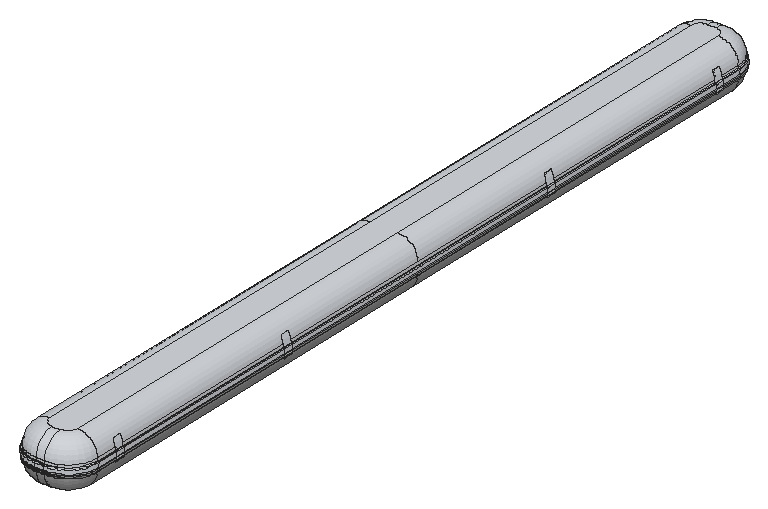
Revit family "VOC3_63_UN_Surface-mounted_ETK", category Lighting Fixtures, Revit 2017
Family settings
  Round Connector Dimension = Use Diameter
  Part Type = Normal
  OmniClass Number = 23.80.70.00
  OmniClass Title = Lighting
  Work Plane-Based = No
  Always vertical = No
  Cut with Voids When Loaded = No
  Light Source = No
  Shared = No
  Room Calculation Point = Yes
Parameters (values of type "VOC.3600.20 - 52W / 5800lm / 4000K")
  Wattage Comments = "52W"
  Voltage = 230 V
  URL = "https://www.etk.nl/media/wysiwyg/files/VOC.3.pdf"
  Symbol_Width = 1.3 mm
  Symbol_Waterproof [instance] = yes
  Symbol_Length = 15.6 mm
  Symbol_Emergency Lighting [instance] = no
  Switch Code [instance] = ""
  Model = "VOC.3"
  Manufacturer = "ETK licht B.V."
  Luminaire_Cap_Material = PPS Plastic
  Luminaire_Body_Material = PPS Plastic
  Luminaire Code [instance] = ""
  Lightsource = VOC.3 - Lightsource : VOC.3600.20 - 52W / 5800lm / 4000K
  Lamp = "LED"
  IfcExportType = "USERDEFINED"
  IfcExportAs = "IfcLightFixtureType"
  Geometry = VOC3 - Geometry : VOC.3600.20 - 52W / 5800lm / 4000K
  Description = "Surface-mounted luminaire"
  Copyright © IVLighting = "www.ivlighting.nl"
  built-in parameter 1114216 [instance] = 1 (stored number, unit not read)
  Assembly Code = "63.0"
  Apparent Load = 52 VA
Reference planes
  plane 1 "Center (Front/Back)": y = 0
  plane 2: z = 0
  plane 3 "Center (Left/Right)": x = 0
Dimensions and locks
  aligned and locked: level to plane 2
Nested families
  nested 1: "VOC3 - Geometry" at (0, 0, 0), type <- "Geometry", type "VOC.3600.20 - 52W / 5800lm / 4000K"
  nested 2: "VOC.3 - Lightsource" at (0, 0, 0) x (0, 1, 0) z (0, 0, 1), type <- "Lightsource", type "VOC.3600.20 - 52W / 5800lm / 4000K"
  nested 3: "VOC.3 Light_Symbol IVL" at (0, 0, 0) x (0, -1, 0) z (0, 0, 1), type "Lighting Fixture - Round"
Connectors
  electrical at (0, 0, 0), driven by "Voltage", driven by "Apparent Load"
    settings: index 1, voltage 230 V, apparent load 0 VA, apparent load phase1 52 VA, apparent load phase2 0 VA, apparent load phase3 0 VA, power factor 1, load classification "Other", number of poles 1, system type 31, power factor state 1, is connector primary yes, connector utility no, sub classification motor no, connector description ""
Definition of nested family "VOC3 - Geometry"
  Parameters (values of type "test")
    Luminaire_Cap_Material = none
    650mm x 75mm = yes
    650mm x 127mm = yes
    1560mm x 75mm = yes
    1560mm x 127mm = yes
    1260mm x 75mm = yes
    1260mm x 127mm = yes
  Types (8, lengths in mm): name | 650mm x 75mm | 650mm x 127mm | 1560mm x 75mm | 1560mm x 127mm | 1260mm x 75mm | 1260mm x 127mm
    (no name) | yes | yes | yes | yes | yes | yes
    VOC.3100.20 - 12W / 1300lm / 4000K | yes | no | no | no | no | no
    VOC.3200.20 - 23W / 2600lm / 4000K | no | yes | no | no | no | no
    VOC.3300.20 - 24W / 2700lm / 4000K | no | no | no | no | yes | no
    VOC.3400.20 - 47W / 5300lm / 4000K | no | no | no | no | no | yes
    VOC.3500.20 - 26W / 3000lm / 4000K | no | no | yes | no | no | no
    VOC.3600.20 - 52W / 5800lm / 4000K | no | no | no | yes | no | no
    test | yes | yes | yes | yes | yes | yes
  Reference planes
    plane 1 "Center (Front/Back)": y = 0
    plane 2: z = 0
    plane 3 "Center (Left/Right)": x = 0
  Forms (mm)
    Sweep 1, solid, visible <- "650mm x 75mm"
      path origin (0, 0, 0) x (1, 0, 0) y (0, 1, 0)
        loop
          line (-63.5, 0) -> (-63.5, -295)
          arc (-63.5, -295) -> (-47.098, -334.598) -> (-7.5, -351) r 56
          line (-7.5, -351) -> (7.5, -351)
          arc (7.5, -351) -> (47.098, -334.598) -> (63.5, -295) r 56
          line (63.5, -295) -> (63.5, 0) -> (63.5, 295)
          arc (63.5, 295) -> (47.098, 334.598) -> (7.5, 351) r 56
          line (7.5, 351) -> (-7.5, 351)
          arc (-7.5, 351) -> (-47.098, 334.598) -> (-63.5, 295) r 56
          line (-63.5, 295) -> (-63.5, 0)
      profile origin (-63.5, 147.5, 0) x (-1, 0, 0) y (0, 0, 1)
        loop
          arc (-28.145, 49.645) -> (-28.852, 49.938) -> (-29.145, 50.645) r 1
          spline (-29.145, 50.645) -> (-29.271, 58.095) -> (-29.662, 64.029) -> (-30.332, 68.733) -> (-31.295, 72.492) -> (-32.568, 75.593) -> (-34.166, 78.321) -> (-36.104, 80.959) -> (-38.428, 83.606) -> (-41.233, 86.062) -> (-44.618, 88.098) -> (-48.683, 89.486) -> (-53.526, 90)
          line (-53.526, 90) -> (-53.526, 89)
          spline (-53.526, 89) -> (-48.818, 88.448) -> (-44.904, 87.061) -> (-41.649, 85.052) -> (-38.938, 82.623) -> (-36.671, 79.98) -> (-34.775, 77.337) -> (-33.242, 74.65) -> (-32.035, 71.612) -> (-31.128, 67.895) -> (-30.513, 63.188) -> (-30.188, 57.199) -> (-30.145, 49.645)
          line (-30.145, 49.645) -> (-30.145, 39.645) -> (-27, 39.645)
          arc (-27, 39.645) -> (-26.293, 39.938) -> (-26, 40.645) r 1
          line (-26, 40.645) -> (-26, 48.645)
          arc (-26, 48.645) -> (-26.293, 49.352) -> (-27, 49.645) r 1
          line (-27, 49.645) -> (-28.145, 49.645)
    Extrusion 2, solid, visible <- "650mm x 75mm"
      sketch origin (26, 270, 0) x (1, 0, 0) y (0, 0, 1)
        loop
          arc (-61.242, 49.671) -> (-59.937, 59.634) -> (-56.742, 69.16) r 52.018
          arc (-56.742, 69.16) -> (-56.994, 69.821) -> (-57.655, 69.569) r 0.5
          arc (-57.655, 69.569) -> (-60.733, 60.606) -> (-62.168, 51.238) r 53.018
          arc (-62.168, 51.238) -> (-62.34, 50.847) -> (-62.725, 50.662) r 0.618
          arc (-62.725, 50.662) -> (-63.99, 50.027) -> (-64.5, 48.707) r 1.964
          line (-64.5, 48.707) -> (-64.5, 35.336)
          arc (-64.5, 35.336) -> (-63.901, 33.891) -> (-62.456, 33.292) r 2.044
          line (-62.456, 33.292) -> (-61.548, 33.292)
          arc (-61.548, 33.292) -> (-61.048, 33.792) -> (-61.548, 34.292) r 0.5
          line (-61.548, 34.292) -> (-62.456, 34.292)
          arc (-62.456, 34.292) -> (-63.194, 34.598) -> (-63.5, 35.336) r 1.044
          line (-63.5, 35.336) -> (-63.5, 48.707)
          arc (-63.5, 48.707) -> (-63.218, 49.388) -> (-62.536, 49.671) r 0.964
          line (-62.536, 49.671) -> (-61.242, 49.671)
      from 0 to 15
    Extrusion 3, solid, visible <- "650mm x 75mm"
      sketch origin (26, 100, 0) x (1, 0, 0) y (0, 0, 1)
        loop
          arc (-61.242, 49.671) -> (-59.937, 59.634) -> (-56.742, 69.16) r 52.018
          arc (-56.742, 69.16) -> (-56.994, 69.821) -> (-57.655, 69.569) r 0.5
          arc (-57.655, 69.569) -> (-60.733, 60.606) -> (-62.168, 51.238) r 53.018
          arc (-62.168, 51.238) -> (-62.34, 50.847) -> (-62.725, 50.662) r 0.618
          arc (-62.725, 50.662) -> (-63.99, 50.027) -> (-64.5, 48.707) r 1.964
          line (-64.5, 48.707) -> (-64.5, 35.336)
          arc (-64.5, 35.336) -> (-63.901, 33.891) -> (-62.456, 33.292) r 2.044
          line (-62.456, 33.292) -> (-61.548, 33.292)
          arc (-61.548, 33.292) -> (-61.048, 33.792) -> (-61.548, 34.292) r 0.5
          line (-61.548, 34.292) -> (-62.456, 34.292)
          arc (-62.456, 34.292) -> (-63.194, 34.598) -> (-63.5, 35.336) r 1.044
          line (-63.5, 35.336) -> (-63.5, 48.707)
          arc (-63.5, 48.707) -> (-63.218, 49.388) -> (-62.536, 49.671) r 0.964
          line (-62.536, 49.671) -> (-61.242, 49.671)
      from 0 to 15
    Extrusion 4, solid, visible <- "650mm x 75mm"
      sketch origin (26, -270, 0) x (1, 0, 0) y (0, 0, -1)
        loop
          line (-61.242, -49.671) -> (-62.536, -49.671)
          arc (-62.536, -49.671) -> (-63.218, -49.388) -> (-63.5, -48.707) r 0.964
          line (-63.5, -48.707) -> (-63.5, -35.336)
          arc (-63.5, -35.336) -> (-63.194, -34.598) -> (-62.456, -34.292) r 1.044
          line (-62.456, -34.292) -> (-61.548, -34.292)
          arc (-61.548, -34.292) -> (-61.048, -33.792) -> (-61.548, -33.292) r 0.5
          line (-61.548, -33.292) -> (-62.456, -33.292)
          arc (-62.456, -33.292) -> (-63.901, -33.891) -> (-64.5, -35.336) r 2.044
          line (-64.5, -35.336) -> (-64.5, -48.707)
          arc (-64.5, -48.707) -> (-63.99, -50.027) -> (-62.725, -50.662) r 1.964
          arc (-62.725, -50.662) -> (-62.34, -50.847) -> (-62.168, -51.238) r 0.618
          arc (-62.168, -51.238) -> (-60.733, -60.606) -> (-57.655, -69.569) r 53.018
          arc (-57.655, -69.569) -> (-56.994, -69.821) -> (-56.742, -69.16) r 0.5
          arc (-56.742, -69.16) -> (-59.937, -59.634) -> (-61.242, -49.671) r 52.018
      from 0 to 15
    Extrusion 5, solid, visible <- "650mm x 75mm"
      sketch origin (26, -100, 0) x (1, 0, 0) y (0, 0, -1)
        loop
          line (-61.242, -49.671) -> (-62.536, -49.671)
          arc (-62.536, -49.671) -> (-63.218, -49.388) -> (-63.5, -48.707) r 0.964
          line (-63.5, -48.707) -> (-63.5, -35.336)
          arc (-63.5, -35.336) -> (-63.194, -34.598) -> (-62.456, -34.292) r 1.044
          line (-62.456, -34.292) -> (-61.548, -34.292)
          arc (-61.548, -34.292) -> (-61.048, -33.792) -> (-61.548, -33.292) r 0.5
          line (-61.548, -33.292) -> (-62.456, -33.292)
          arc (-62.456, -33.292) -> (-63.901, -33.891) -> (-64.5, -35.336) r 2.044
          line (-64.5, -35.336) -> (-64.5, -48.707)
          arc (-64.5, -48.707) -> (-63.99, -50.027) -> (-62.725, -50.662) r 1.964
          arc (-62.725, -50.662) -> (-62.34, -50.847) -> (-62.168, -51.238) r 0.618
          arc (-62.168, -51.238) -> (-60.733, -60.606) -> (-57.655, -69.569) r 53.018
          arc (-57.655, -69.569) -> (-56.994, -69.821) -> (-56.742, -69.16) r 0.5
          arc (-56.742, -69.16) -> (-59.937, -59.634) -> (-61.242, -49.671) r 52.018
      from 0 to 15
    Sweep 6, solid, material <- "Luminaire_Cap_Material", visible <- "650mm x 75mm"
      path origin (0, 0, 79.289) x (0, -1, 0) y (1, 0, 0)
        loop
          line (0, -63.5) -> (295, -63.5)
          arc (295, -63.5) -> (334.598, -47.098) -> (351, -7.5) r 56
          line (351, -7.5) -> (351, 7.5)
          arc (351, 7.5) -> (334.598, 47.098) -> (295, 63.5) r 56
          line (295, 63.5) -> (0, 63.5) -> (-295, 63.5)
          arc (-295, 63.5) -> (-334.598, 47.098) -> (-351, 7.5) r 56
          line (-351, 7.5) -> (-351, -7.5)
          arc (-351, -7.5) -> (-334.598, -47.098) -> (-295, -63.5) r 56
          line (-295, -63.5) -> (0, -63.5)
      profile origin (-63.5, 147.5, 79.289) x (-1, 0, 0) y (0, 0, 1)
        loop
          line (-29.126, -44.957) -> (-27, -44.957)
          arc (-27, -44.957) -> (-26.293, -44.664) -> (-26, -43.957) r 1
          line (-26, -43.957) -> (-26, -40.645)
          arc (-26, -40.645) -> (-26.293, -39.938) -> (-27, -39.645) r 1
          line (-27, -39.645) -> (-30.126, -39.645) -> (-30.126, -44.957)
          spline (-30.126, -44.957) -> (-30.269, -51.432) -> (-30.693, -56.809) -> (-31.392, -61.236) -> (-32.358, -64.864) -> (-33.584, -67.853) -> (-35.071, -70.377) -> (-36.829, -72.587) -> (-38.908, -74.49) -> (-41.456, -76.056) -> (-44.64, -77.252) -> (-48.613, -78.019) -> (-53.526, -78.289)
          line (-53.526, -78.289) -> (-53.526, -79.289)
          spline (-53.526, -79.289) -> (-48.49, -79.011) -> (-44.366, -78.214) -> (-41.016, -76.954) -> (-38.304, -75.286) -> (-36.093, -73.265) -> (-34.248, -70.945) -> (-32.689, -68.298) -> (-31.41, -65.181) -> (-30.413, -61.44) -> (-29.699, -56.924) -> (-29.27, -51.481) -> (-29.126, -44.957)
    Extrusion 7, solid, material <- "Luminaire_Cap_Material", visible <- "650mm x 75mm"
      sketch origin (0, 0, 0) x (1, 0, 0) y (0, 1, 0)
        loop
          arc (7.5, -297.474) -> (9.249, -296.749) -> (9.974, -295) r 2.474
          line (9.974, -295) -> (9.974, 295)
          arc (9.974, 295) -> (9.249, 296.749) -> (7.5, 297.474) r 2.474
          line (7.5, 297.474) -> (-7.5, 297.474)
          arc (-7.5, 297.474) -> (-9.249, 296.749) -> (-9.974, 295) r 2.474
          line (-9.974, 295) -> (-9.974, -295)
          arc (-9.974, -295) -> (-9.249, -296.749) -> (-7.5, -297.474) r 2.474
          line (-7.5, -297.474) -> (7.5, -297.474)
      from 0 to 1
    Extrusion 8, solid, visible <- "650mm x 75mm"
      sketch origin (-26, 270, 0) x (-1, 0, 0) y (0, 0, -1)
        loop
          line (-61.242, -49.671) -> (-62.536, -49.671)
          arc (-62.536, -49.671) -> (-63.218, -49.388) -> (-63.5, -48.707) r 0.964
          line (-63.5, -48.707) -> (-63.5, -35.336)
          arc (-63.5, -35.336) -> (-63.194, -34.598) -> (-62.456, -34.292) r 1.044
          line (-62.456, -34.292) -> (-61.548, -34.292)
          arc (-61.548, -34.292) -> (-61.048, -33.792) -> (-61.548, -33.292) r 0.5
          line (-61.548, -33.292) -> (-62.456, -33.292)
          arc (-62.456, -33.292) -> (-63.901, -33.891) -> (-64.5, -35.336) r 2.044
          line (-64.5, -35.336) -> (-64.5, -48.707)
          arc (-64.5, -48.707) -> (-63.99, -50.027) -> (-62.725, -50.662) r 1.964
          arc (-62.725, -50.662) -> (-62.34, -50.847) -> (-62.168, -51.238) r 0.618
          arc (-62.168, -51.238) -> (-60.733, -60.606) -> (-57.655, -69.569) r 53.018
          arc (-57.655, -69.569) -> (-56.994, -69.821) -> (-56.742, -69.16) r 0.5
          arc (-56.742, -69.16) -> (-59.937, -59.634) -> (-61.242, -49.671) r 52.018
      from 0 to 15
    Extrusion 9, solid, visible <- "650mm x 75mm"
      sketch origin (-26, 100, 0) x (-1, 0, 0) y (0, 0, -1)
        loop
          line (-61.242, -49.671) -> (-62.536, -49.671)
          arc (-62.536, -49.671) -> (-63.218, -49.388) -> (-63.5, -48.707) r 0.964
          line (-63.5, -48.707) -> (-63.5, -35.336)
          arc (-63.5, -35.336) -> (-63.194, -34.598) -> (-62.456, -34.292) r 1.044
          line (-62.456, -34.292) -> (-61.548, -34.292)
          arc (-61.548, -34.292) -> (-61.048, -33.792) -> (-61.548, -33.292) r 0.5
          line (-61.548, -33.292) -> (-62.456, -33.292)
          arc (-62.456, -33.292) -> (-63.901, -33.891) -> (-64.5, -35.336) r 2.044
          line (-64.5, -35.336) -> (-64.5, -48.707)
          arc (-64.5, -48.707) -> (-63.99, -50.027) -> (-62.725, -50.662) r 1.964
          arc (-62.725, -50.662) -> (-62.34, -50.847) -> (-62.168, -51.238) r 0.618
          arc (-62.168, -51.238) -> (-60.733, -60.606) -> (-57.655, -69.569) r 53.018
          arc (-57.655, -69.569) -> (-56.994, -69.821) -> (-56.742, -69.16) r 0.5
          arc (-56.742, -69.16) -> (-59.937, -59.634) -> (-61.242, -49.671) r 52.018
      from 0 to 15
    Extrusion 10, solid, visible <- "650mm x 75mm"
      sketch origin (-26, -270, 0) x (-1, 0, 0) y (0, 0, 1)
        loop
          arc (-61.242, 49.671) -> (-59.937, 59.634) -> (-56.742, 69.16) r 52.018
          arc (-56.742, 69.16) -> (-56.994, 69.821) -> (-57.655, 69.569) r 0.5
          arc (-57.655, 69.569) -> (-60.733, 60.606) -> (-62.168, 51.238) r 53.018
          arc (-62.168, 51.238) -> (-62.34, 50.847) -> (-62.725, 50.662) r 0.618
          arc (-62.725, 50.662) -> (-63.99, 50.027) -> (-64.5, 48.707) r 1.964
          line (-64.5, 48.707) -> (-64.5, 35.336)
          arc (-64.5, 35.336) -> (-63.901, 33.891) -> (-62.456, 33.292) r 2.044
          line (-62.456, 33.292) -> (-61.548, 33.292)
          arc (-61.548, 33.292) -> (-61.048, 33.792) -> (-61.548, 34.292) r 0.5
          line (-61.548, 34.292) -> (-62.456, 34.292)
          arc (-62.456, 34.292) -> (-63.194, 34.598) -> (-63.5, 35.336) r 1.044
          line (-63.5, 35.336) -> (-63.5, 48.707)
          arc (-63.5, 48.707) -> (-63.218, 49.388) -> (-62.536, 49.671) r 0.964
          line (-62.536, 49.671) -> (-61.242, 49.671)
      from 0 to 15
    Extrusion 11, solid, visible <- "650mm x 75mm"
      sketch origin (-26, -100, 0) x (-1, 0, 0) y (0, 0, 1)
        loop
          arc (-61.242, 49.671) -> (-59.937, 59.634) -> (-56.742, 69.16) r 52.018
          arc (-56.742, 69.16) -> (-56.994, 69.821) -> (-57.655, 69.569) r 0.5
          arc (-57.655, 69.569) -> (-60.733, 60.606) -> (-62.168, 51.238) r 53.018
          arc (-62.168, 51.238) -> (-62.34, 50.847) -> (-62.725, 50.662) r 0.618
          arc (-62.725, 50.662) -> (-63.99, 50.027) -> (-64.5, 48.707) r 1.964
          line (-64.5, 48.707) -> (-64.5, 35.336)
          arc (-64.5, 35.336) -> (-63.901, 33.891) -> (-62.456, 33.292) r 2.044
          line (-62.456, 33.292) -> (-61.548, 33.292)
          arc (-61.548, 33.292) -> (-61.048, 33.792) -> (-61.548, 34.292) r 0.5
          line (-61.548, 34.292) -> (-62.456, 34.292)
          arc (-62.456, 34.292) -> (-63.194, 34.598) -> (-63.5, 35.336) r 1.044
          line (-63.5, 35.336) -> (-63.5, 48.707)
          arc (-63.5, 48.707) -> (-63.218, 49.388) -> (-62.536, 49.671) r 0.964
          line (-62.536, 49.671) -> (-61.242, 49.671)
      from 0 to 15
    Extrusion 12, solid, visible <- "650mm x 75mm"
      sketch origin (0, 0, 89) x (1, 0, 0) y (0, 1, 0)
        loop
          line (-9.974, 295) -> (-9.974, -295)
          arc (-9.974, -295) -> (-9.249, -296.749) -> (-7.5, -297.474) r 2.474
          line (-7.5, -297.474) -> (7.5, -297.474)
          arc (7.5, -297.474) -> (9.249, -296.749) -> (9.974, -295) r 2.474
          line (9.974, -295) -> (9.974, 295)
          arc (9.974, 295) -> (9.249, 296.749) -> (7.5, 297.474) r 2.474
          line (7.5, 297.474) -> (-7.5, 297.474)
          arc (-7.5, 297.474) -> (-9.249, 296.749) -> (-9.974, 295) r 2.474
      from 0 to 1
    Sweep 13, solid, visible <- "1260mm x 75mm"
      path origin (0, 0, 0) x (1, 0, 0) y (0, 1, 0)
        loop
          line (-63.5, 0) -> (-63.5, -600)
          arc (-63.5, -600) -> (-47.098, -639.598) -> (-7.5, -656) r 56
          line (-7.5, -656) -> (7.5, -656)
          arc (7.5, -656) -> (47.098, -639.598) -> (63.5, -600) r 56
          line (63.5, -600) -> (63.5, 0) -> (63.5, 600)
          arc (63.5, 600) -> (47.098, 639.598) -> (7.5, 656) r 56
          line (7.5, 656) -> (-7.5, 656)
          arc (-7.5, 656) -> (-47.098, 639.598) -> (-63.5, 600) r 56
          line (-63.5, 600) -> (-63.5, 0)
      profile origin (-63.5, 300, 0) x (-1, 0, 0) y (0, 0, 1)
        loop
          arc (-28.145, 49.645) -> (-28.852, 49.938) -> (-29.145, 50.645) r 1
          spline (-29.145, 50.645) -> (-29.271, 58.095) -> (-29.662, 64.029) -> (-30.332, 68.733) -> (-31.295, 72.492) -> (-32.568, 75.593) -> (-34.166, 78.321) -> (-36.104, 80.959) -> (-38.428, 83.606) -> (-41.233, 86.062) -> (-44.618, 88.098) -> (-48.683, 89.486) -> (-53.526, 90)
          line (-53.526, 90) -> (-53.526, 89)
          spline (-53.526, 89) -> (-48.818, 88.448) -> (-44.904, 87.061) -> (-41.649, 85.052) -> (-38.938, 82.623) -> (-36.671, 79.98) -> (-34.775, 77.337) -> (-33.242, 74.65) -> (-32.035, 71.612) -> (-31.128, 67.895) -> (-30.513, 63.188) -> (-30.188, 57.199) -> (-30.145, 49.645)
          line (-30.145, 49.645) -> (-30.145, 39.645) -> (-27, 39.645)
          arc (-27, 39.645) -> (-26.293, 39.938) -> (-26, 40.645) r 1
          line (-26, 40.645) -> (-26, 48.645)
          arc (-26, 48.645) -> (-26.293, 49.352) -> (-27, 49.645) r 1
          line (-27, 49.645) -> (-28.145, 49.645)
    Sweep 14, solid, material <- "Luminaire_Cap_Material", visible <- "1260mm x 75mm"
      path origin (0, 0, 79.289) x (0, -1, 0) y (1, 0, 0)
        loop
          line (0, -63.5) -> (600, -63.5)
          arc (600, -63.5) -> (639.598, -47.098) -> (656, -7.5) r 56
          line (656, -7.5) -> (656, 7.5)
          arc (656, 7.5) -> (639.598, 47.098) -> (600, 63.5) r 56
          line (600, 63.5) -> (0, 63.5) -> (-600, 63.5)
          arc (-600, 63.5) -> (-639.598, 47.098) -> (-656, 7.5) r 56
          line (-656, 7.5) -> (-656, -7.5)
          arc (-656, -7.5) -> (-639.598, -47.098) -> (-600, -63.5) r 56
          line (-600, -63.5) -> (0, -63.5)
      profile origin (-63.5, 300, 79.289) x (-1, 0, 0) y (0, 0, 1)
        loop
          line (-29.126, -44.957) -> (-27, -44.957)
          arc (-27, -44.957) -> (-26.293, -44.664) -> (-26, -43.957) r 1
          line (-26, -43.957) -> (-26, -40.645)
          arc (-26, -40.645) -> (-26.293, -39.938) -> (-27, -39.645) r 1
          line (-27, -39.645) -> (-30.126, -39.645) -> (-30.126, -44.957)
          spline (-30.126, -44.957) -> (-30.269, -51.432) -> (-30.693, -56.809) -> (-31.392, -61.236) -> (-32.358, -64.864) -> (-33.584, -67.853) -> (-35.071, -70.377) -> (-36.829, -72.587) -> (-38.908, -74.49) -> (-41.456, -76.056) -> (-44.64, -77.252) -> (-48.613, -78.019) -> (-53.526, -78.289)
          line (-53.526, -78.289) -> (-53.526, -79.289)
          spline (-53.526, -79.289) -> (-48.49, -79.011) -> (-44.366, -78.214) -> (-41.016, -76.954) -> (-38.304, -75.286) -> (-36.093, -73.265) -> (-34.248, -70.945) -> (-32.689, -68.298) -> (-31.41, -65.181) -> (-30.413, -61.44) -> (-29.699, -56.924) -> (-29.27, -51.481) -> (-29.126, -44.957)
    Extrusion 15, solid, material <- "Luminaire_Cap_Material", visible <- "1260mm x 75mm"
      sketch origin (0, 0, 0) x (1, 0, 0) y (0, 1, 0)
        loop
          arc (7.5, -602.474) -> (9.249, -601.749) -> (9.974, -600) r 2.474
          line (9.974, -600) -> (9.974, 600)
          arc (9.974, 600) -> (9.249, 601.749) -> (7.5, 602.474) r 2.474
          line (7.5, 602.474) -> (-7.5, 602.474)
          arc (-7.5, 602.474) -> (-9.249, 601.749) -> (-9.974, 600) r 2.474
          line (-9.974, 600) -> (-9.974, -600)
          arc (-9.974, -600) -> (-9.249, -601.749) -> (-7.5, -602.474) r 2.474
          line (-7.5, -602.474) -> (7.5, -602.474)
      from 0 to 1
    Extrusion 16, solid, visible <- "1260mm x 75mm"
      sketch origin (0, 0, 89) x (1, 0, 0) y (0, 1, 0)
        loop
          line (-9.974, 600) -> (-9.974, -600)
          arc (-9.974, -600) -> (-9.249, -601.749) -> (-7.5, -602.474) r 2.474
          line (-7.5, -602.474) -> (7.5, -602.474)
          arc (7.5, -602.474) -> (9.249, -601.749) -> (9.974, -600) r 2.474
          line (9.974, -600) -> (9.974, 600)
          arc (9.974, 600) -> (9.249, 601.749) -> (7.5, 602.474) r 2.474
          line (7.5, 602.474) -> (-7.5, 602.474)
          arc (-7.5, 602.474) -> (-9.249, 601.749) -> (-9.974, 600) r 2.474
      from 0 to 1
    Extrusion 17, solid, visible <- "1260mm x 75mm"
      sketch origin (25.974, 545, 0) x (1, 0, 0) y (0, 0, 1)
        loop
          arc (-61.242, 49.671) -> (-59.937, 59.634) -> (-56.742, 69.16) r 52.018
          arc (-56.742, 69.16) -> (-56.994, 69.821) -> (-57.655, 69.569) r 0.5
          arc (-57.655, 69.569) -> (-60.733, 60.606) -> (-62.168, 51.238) r 53.018
          arc (-62.168, 51.238) -> (-62.34, 50.847) -> (-62.725, 50.662) r 0.618
          arc (-62.725, 50.662) -> (-63.99, 50.027) -> (-64.5, 48.707) r 1.964
          line (-64.5, 48.707) -> (-64.5, 35.336)
          arc (-64.5, 35.336) -> (-63.901, 33.891) -> (-62.456, 33.292) r 2.044
          line (-62.456, 33.292) -> (-61.548, 33.292)
          arc (-61.548, 33.292) -> (-61.048, 33.792) -> (-61.548, 34.292) r 0.5
          line (-61.548, 34.292) -> (-62.456, 34.292)
          arc (-62.456, 34.292) -> (-63.194, 34.598) -> (-63.5, 35.336) r 1.044
          line (-63.5, 35.336) -> (-63.5, 48.707)
          arc (-63.5, 48.707) -> (-63.218, 49.388) -> (-62.536, 49.671) r 0.964
          line (-62.536, 49.671) -> (-61.242, 49.671)
      from 0 to 15
    Extrusion 18, solid, visible <- "1260mm x 75mm"
      sketch origin (25.974, 265, 0) x (1, 0, 0) y (0, 0, 1)
        loop
          arc (-61.242, 49.671) -> (-59.937, 59.634) -> (-56.742, 69.16) r 52.018
          arc (-56.742, 69.16) -> (-56.994, 69.821) -> (-57.655, 69.569) r 0.5
          arc (-57.655, 69.569) -> (-60.733, 60.606) -> (-62.168, 51.238) r 53.018
          arc (-62.168, 51.238) -> (-62.34, 50.847) -> (-62.725, 50.662) r 0.618
          arc (-62.725, 50.662) -> (-63.99, 50.027) -> (-64.5, 48.707) r 1.964
          line (-64.5, 48.707) -> (-64.5, 35.336)
          arc (-64.5, 35.336) -> (-63.901, 33.891) -> (-62.456, 33.292) r 2.044
          line (-62.456, 33.292) -> (-61.548, 33.292)
          arc (-61.548, 33.292) -> (-61.048, 33.792) -> (-61.548, 34.292) r 0.5
          line (-61.548, 34.292) -> (-62.456, 34.292)
          arc (-62.456, 34.292) -> (-63.194, 34.598) -> (-63.5, 35.336) r 1.044
          line (-63.5, 35.336) -> (-63.5, 48.707)
          arc (-63.5, 48.707) -> (-63.218, 49.388) -> (-62.536, 49.671) r 0.964
          line (-62.536, 49.671) -> (-61.242, 49.671)
      from 0 to 15
    Extrusion 19, solid, visible <- "1260mm x 75mm"
      sketch origin (25.974, -545, 0) x (1, 0, 0) y (0, 0, -1)
        loop
          line (-61.242, -49.671) -> (-62.536, -49.671)
          arc (-62.536, -49.671) -> (-63.218, -49.388) -> (-63.5, -48.707) r 0.964
          line (-63.5, -48.707) -> (-63.5, -35.336)
          arc (-63.5, -35.336) -> (-63.194, -34.598) -> (-62.456, -34.292) r 1.044
          line (-62.456, -34.292) -> (-61.548, -34.292)
          arc (-61.548, -34.292) -> (-61.048, -33.792) -> (-61.548, -33.292) r 0.5
          line (-61.548, -33.292) -> (-62.456, -33.292)
          arc (-62.456, -33.292) -> (-63.901, -33.891) -> (-64.5, -35.336) r 2.044
          line (-64.5, -35.336) -> (-64.5, -48.707)
          arc (-64.5, -48.707) -> (-63.99, -50.027) -> (-62.725, -50.662) r 1.964
          arc (-62.725, -50.662) -> (-62.34, -50.847) -> (-62.168, -51.238) r 0.618
          arc (-62.168, -51.238) -> (-60.733, -60.606) -> (-57.655, -69.569) r 53.018
          arc (-57.655, -69.569) -> (-56.994, -69.821) -> (-56.742, -69.16) r 0.5
          arc (-56.742, -69.16) -> (-59.937, -59.634) -> (-61.242, -49.671) r 52.018
      from 0 to 15
    Extrusion 20, solid, visible <- "1260mm x 75mm"
      sketch origin (25.974, -265, 0) x (1, 0, 0) y (0, 0, -1)
        loop
          line (-61.242, -49.671) -> (-62.536, -49.671)
          arc (-62.536, -49.671) -> (-63.218, -49.388) -> (-63.5, -48.707) r 0.964
          line (-63.5, -48.707) -> (-63.5, -35.336)
          arc (-63.5, -35.336) -> (-63.194, -34.598) -> (-62.456, -34.292) r 1.044
          line (-62.456, -34.292) -> (-61.548, -34.292)
          arc (-61.548, -34.292) -> (-61.048, -33.792) -> (-61.548, -33.292) r 0.5
          line (-61.548, -33.292) -> (-62.456, -33.292)
          arc (-62.456, -33.292) -> (-63.901, -33.891) -> (-64.5, -35.336) r 2.044
          line (-64.5, -35.336) -> (-64.5, -48.707)
          arc (-64.5, -48.707) -> (-63.99, -50.027) -> (-62.725, -50.662) r 1.964
          arc (-62.725, -50.662) -> (-62.34, -50.847) -> (-62.168, -51.238) r 0.618
          arc (-62.168, -51.238) -> (-60.733, -60.606) -> (-57.655, -69.569) r 53.018
          arc (-57.655, -69.569) -> (-56.994, -69.821) -> (-56.742, -69.16) r 0.5
          arc (-56.742, -69.16) -> (-59.937, -59.634) -> (-61.242, -49.671) r 52.018
      from 0 to 15
    Extrusion 21, solid, visible <- "1260mm x 75mm"
      sketch origin (-25.974, 545, 0) x (-1, 0, 0) y (0, 0, -1)
        loop
          line (-61.242, -49.671) -> (-62.536, -49.671)
          arc (-62.536, -49.671) -> (-63.218, -49.388) -> (-63.5, -48.707) r 0.964
          line (-63.5, -48.707) -> (-63.5, -35.336)
          arc (-63.5, -35.336) -> (-63.194, -34.598) -> (-62.456, -34.292) r 1.044
          line (-62.456, -34.292) -> (-61.548, -34.292)
          arc (-61.548, -34.292) -> (-61.048, -33.792) -> (-61.548, -33.292) r 0.5
          line (-61.548, -33.292) -> (-62.456, -33.292)
          arc (-62.456, -33.292) -> (-63.901, -33.891) -> (-64.5, -35.336) r 2.044
          line (-64.5, -35.336) -> (-64.5, -48.707)
          arc (-64.5, -48.707) -> (-63.99, -50.027) -> (-62.725, -50.662) r 1.964
          arc (-62.725, -50.662) -> (-62.34, -50.847) -> (-62.168, -51.238) r 0.618
          arc (-62.168, -51.238) -> (-60.733, -60.606) -> (-57.655, -69.569) r 53.018
          arc (-57.655, -69.569) -> (-56.994, -69.821) -> (-56.742, -69.16) r 0.5
          arc (-56.742, -69.16) -> (-59.937, -59.634) -> (-61.242, -49.671) r 52.018
      from 0 to 15
    Extrusion 22, solid, visible <- "1260mm x 75mm"
      sketch origin (-25.974, 265, 0) x (-1, 0, 0) y (0, 0, -1)
        loop
          line (-61.242, -49.671) -> (-62.536, -49.671)
          arc (-62.536, -49.671) -> (-63.218, -49.388) -> (-63.5, -48.707) r 0.964
          line (-63.5, -48.707) -> (-63.5, -35.336)
          arc (-63.5, -35.336) -> (-63.194, -34.598) -> (-62.456, -34.292) r 1.044
          line (-62.456, -34.292) -> (-61.548, -34.292)
          arc (-61.548, -34.292) -> (-61.048, -33.792) -> (-61.548, -33.292) r 0.5
          line (-61.548, -33.292) -> (-62.456, -33.292)
          arc (-62.456, -33.292) -> (-63.901, -33.891) -> (-64.5, -35.336) r 2.044
          line (-64.5, -35.336) -> (-64.5, -48.707)
          arc (-64.5, -48.707) -> (-63.99, -50.027) -> (-62.725, -50.662) r 1.964
          arc (-62.725, -50.662) -> (-62.34, -50.847) -> (-62.168, -51.238) r 0.618
          arc (-62.168, -51.238) -> (-60.733, -60.606) -> (-57.655, -69.569) r 53.018
          arc (-57.655, -69.569) -> (-56.994, -69.821) -> (-56.742, -69.16) r 0.5
          arc (-56.742, -69.16) -> (-59.937, -59.634) -> (-61.242, -49.671) r 52.018
      from 0 to 15
    Extrusion 23, solid, visible <- "1260mm x 75mm"
      sketch origin (-25.974, -545, 0) x (-1, 0, 0) y (0, 0, 1)
        loop
          arc (-61.242, 49.671) -> (-59.937, 59.634) -> (-56.742, 69.16) r 52.018
          arc (-56.742, 69.16) -> (-56.994, 69.821) -> (-57.655, 69.569) r 0.5
          arc (-57.655, 69.569) -> (-60.733, 60.606) -> (-62.168, 51.238) r 53.018
          arc (-62.168, 51.238) -> (-62.34, 50.847) -> (-62.725, 50.662) r 0.618
          arc (-62.725, 50.662) -> (-63.99, 50.027) -> (-64.5, 48.707) r 1.964
          line (-64.5, 48.707) -> (-64.5, 35.336)
          arc (-64.5, 35.336) -> (-63.901, 33.891) -> (-62.456, 33.292) r 2.044
          line (-62.456, 33.292) -> (-61.548, 33.292)
          arc (-61.548, 33.292) -> (-61.048, 33.792) -> (-61.548, 34.292) r 0.5
          line (-61.548, 34.292) -> (-62.456, 34.292)
          arc (-62.456, 34.292) -> (-63.194, 34.598) -> (-63.5, 35.336) r 1.044
          line (-63.5, 35.336) -> (-63.5, 48.707)
          arc (-63.5, 48.707) -> (-63.218, 49.388) -> (-62.536, 49.671) r 0.964
          line (-62.536, 49.671) -> (-61.242, 49.671)
      from 0 to 15
    Extrusion 24, solid, visible <- "1260mm x 75mm"
      sketch origin (-25.974, -265, 0) x (-1, 0, 0) y (0, 0, 1)
        loop
          arc (-61.242, 49.671) -> (-59.937, 59.634) -> (-56.742, 69.16) r 52.018
          arc (-56.742, 69.16) -> (-56.994, 69.821) -> (-57.655, 69.569) r 0.5
          arc (-57.655, 69.569) -> (-60.733, 60.606) -> (-62.168, 51.238) r 53.018
          arc (-62.168, 51.238) -> (-62.34, 50.847) -> (-62.725, 50.662) r 0.618
          arc (-62.725, 50.662) -> (-63.99, 50.027) -> (-64.5, 48.707) r 1.964
          line (-64.5, 48.707) -> (-64.5, 35.336)
          arc (-64.5, 35.336) -> (-63.901, 33.891) -> (-62.456, 33.292) r 2.044
          line (-62.456, 33.292) -> (-61.548, 33.292)
          arc (-61.548, 33.292) -> (-61.048, 33.792) -> (-61.548, 34.292) r 0.5
          line (-61.548, 34.292) -> (-62.456, 34.292)
          arc (-62.456, 34.292) -> (-63.194, 34.598) -> (-63.5, 35.336) r 1.044
          line (-63.5, 35.336) -> (-63.5, 48.707)
          arc (-63.5, 48.707) -> (-63.218, 49.388) -> (-62.536, 49.671) r 0.964
          line (-62.536, 49.671) -> (-61.242, 49.671)
      from 0 to 15
    Sweep 25, solid, visible <- "1560mm x 75mm"
      path origin (0, 0, 0) x (1, 0, 0) y (0, 1, 0)
        loop
          line (-63.5, 0) -> (-63.5, -750)
          arc (-63.5, -750) -> (-47.098, -789.598) -> (-7.5, -806) r 56
          line (-7.5, -806) -> (7.5, -806)
          arc (7.5, -806) -> (47.098, -789.598) -> (63.5, -750) r 56
          line (63.5, -750) -> (63.5, 0) -> (63.5, 750)
          arc (63.5, 750) -> (47.098, 789.598) -> (7.5, 806) r 56
          line (7.5, 806) -> (-7.5, 806)
          arc (-7.5, 806) -> (-47.098, 789.598) -> (-63.5, 750) r 56
          line (-63.5, 750) -> (-63.5, 0)
      profile origin (-63.5, 375, 0) x (-1, 0, 0) y (0, 0, 1)
        loop
          arc (-28.145, 49.645) -> (-28.852, 49.938) -> (-29.145, 50.645) r 1
          spline (-29.145, 50.645) -> (-29.271, 58.095) -> (-29.662, 64.029) -> (-30.332, 68.733) -> (-31.295, 72.492) -> (-32.568, 75.593) -> (-34.166, 78.321) -> (-36.104, 80.959) -> (-38.428, 83.606) -> (-41.233, 86.062) -> (-44.618, 88.098) -> (-48.683, 89.486) -> (-53.526, 90)
          line (-53.526, 90) -> (-53.526, 89)
          spline (-53.526, 89) -> (-48.818, 88.448) -> (-44.904, 87.061) -> (-41.649, 85.052) -> (-38.938, 82.623) -> (-36.671, 79.98) -> (-34.775, 77.337) -> (-33.242, 74.65) -> (-32.035, 71.612) -> (-31.128, 67.895) -> (-30.513, 63.188) -> (-30.188, 57.199) -> (-30.145, 49.645)
          line (-30.145, 49.645) -> (-30.145, 39.645) -> (-27, 39.645)
          arc (-27, 39.645) -> (-26.293, 39.938) -> (-26, 40.645) r 1
          line (-26, 40.645) -> (-26, 48.645)
          arc (-26, 48.645) -> (-26.293, 49.352) -> (-27, 49.645) r 1
          line (-27, 49.645) -> (-28.145, 49.645)
    Sweep 26, solid, material <- "Luminaire_Cap_Material", visible <- "1560mm x 75mm"
      path origin (0, 0, 79.289) x (0, -1, 0) y (1, 0, 0)
        loop
          line (0, -63.5) -> (750, -63.5)
          arc (750, -63.5) -> (789.598, -47.098) -> (806, -7.5) r 56
          line (806, -7.5) -> (806, 7.5)
          arc (806, 7.5) -> (789.598, 47.098) -> (750, 63.5) r 56
          line (750, 63.5) -> (0, 63.5) -> (-750, 63.5)
          arc (-750, 63.5) -> (-789.598, 47.098) -> (-806, 7.5) r 56
          line (-806, 7.5) -> (-806, -7.5)
          arc (-806, -7.5) -> (-789.598, -47.098) -> (-750, -63.5) r 56
          line (-750, -63.5) -> (0, -63.5)
      profile origin (-63.5, 375, 79.289) x (-1, 0, 0) y (0, 0, 1)
        loop
          line (-29.126, -44.957) -> (-27, -44.957)
          arc (-27, -44.957) -> (-26.293, -44.664) -> (-26, -43.957) r 1
          line (-26, -43.957) -> (-26, -40.645)
          arc (-26, -40.645) -> (-26.293, -39.938) -> (-27, -39.645) r 1
          line (-27, -39.645) -> (-30.126, -39.645) -> (-30.126, -44.957)
          spline (-30.126, -44.957) -> (-30.269, -51.432) -> (-30.693, -56.809) -> (-31.392, -61.236) -> (-32.358, -64.864) -> (-33.584, -67.853) -> (-35.071, -70.377) -> (-36.829, -72.587) -> (-38.908, -74.49) -> (-41.456, -76.056) -> (-44.64, -77.252) -> (-48.613, -78.019) -> (-53.526, -78.289)
          line (-53.526, -78.289) -> (-53.526, -79.289)
          spline (-53.526, -79.289) -> (-48.49, -79.011) -> (-44.366, -78.214) -> (-41.016, -76.954) -> (-38.304, -75.286) -> (-36.093, -73.265) -> (-34.248, -70.945) -> (-32.689, -68.298) -> (-31.41, -65.181) -> (-30.413, -61.44) -> (-29.699, -56.924) -> (-29.27, -51.481) -> (-29.126, -44.957)
    Extrusion 27, solid, material <- "Luminaire_Cap_Material", visible <- "1560mm x 75mm"
      sketch origin (0, 0, 0) x (1, 0, 0) y (0, 1, 0)
        loop
          arc (7.5, -752.474) -> (9.249, -751.749) -> (9.974, -750) r 2.474
          line (9.974, -750) -> (9.974, 750)
          arc (9.974, 750) -> (9.249, 751.749) -> (7.5, 752.474) r 2.474
          line (7.5, 752.474) -> (-7.5, 752.474)
          arc (-7.5, 752.474) -> (-9.249, 751.749) -> (-9.974, 750) r 2.474
          line (-9.974, 750) -> (-9.974, -750)
          arc (-9.974, -750) -> (-9.249, -751.749) -> (-7.5, -752.474) r 2.474
          line (-7.5, -752.474) -> (7.5, -752.474)
      from 0 to 1
    Extrusion 28, solid, visible <- "1560mm x 75mm"
      sketch origin (0, 0, 89) x (1, 0, 0) y (0, 1, 0)
        loop
          line (-9.974, 750) -> (-9.974, -750)
          arc (-9.974, -750) -> (-9.249, -751.749) -> (-7.5, -752.474) r 2.474
          line (-7.5, -752.474) -> (7.5, -752.474)
          arc (7.5, -752.474) -> (9.249, -751.749) -> (9.974, -750) r 2.474
          line (9.974, -750) -> (9.974, 750)
          arc (9.974, 750) -> (9.249, 751.749) -> (7.5, 752.474) r 2.474
          line (7.5, 752.474) -> (-7.5, 752.474)
          arc (-7.5, 752.474) -> (-9.249, 751.749) -> (-9.974, 750) r 2.474
      from 0 to 1
    Extrusion 29, solid, visible <- "1560mm x 75mm"
      sketch origin (26.016, 685, 0) x (1, 0, 0) y (0, 0, 1)
        loop
          arc (-61.242, 49.671) -> (-59.937, 59.634) -> (-56.742, 69.16) r 52.018
          arc (-56.742, 69.16) -> (-56.994, 69.821) -> (-57.655, 69.569) r 0.5
          arc (-57.655, 69.569) -> (-60.733, 60.606) -> (-62.168, 51.238) r 53.018
          arc (-62.168, 51.238) -> (-62.34, 50.847) -> (-62.725, 50.662) r 0.618
          arc (-62.725, 50.662) -> (-63.99, 50.027) -> (-64.5, 48.707) r 1.964
          line (-64.5, 48.707) -> (-64.5, 35.336)
          arc (-64.5, 35.336) -> (-63.901, 33.891) -> (-62.456, 33.292) r 2.044
          line (-62.456, 33.292) -> (-61.548, 33.292)
          arc (-61.548, 33.292) -> (-61.048, 33.792) -> (-61.548, 34.292) r 0.5
          line (-61.548, 34.292) -> (-62.456, 34.292)
          arc (-62.456, 34.292) -> (-63.194, 34.598) -> (-63.5, 35.336) r 1.044
          line (-63.5, 35.336) -> (-63.5, 48.707)
          arc (-63.5, 48.707) -> (-63.218, 49.388) -> (-62.536, 49.671) r 0.964
          line (-62.536, 49.671) -> (-61.242, 49.671)
      from 0 to 15
    Extrusion 30, solid, visible <- "1560mm x 75mm"
      sketch origin (26.016, 305, 0) x (1, 0, 0) y (0, 0, 1)
        loop
          arc (-61.242, 49.671) -> (-59.937, 59.634) -> (-56.742, 69.16) r 52.018
          arc (-56.742, 69.16) -> (-56.994, 69.821) -> (-57.655, 69.569) r 0.5
          arc (-57.655, 69.569) -> (-60.733, 60.606) -> (-62.168, 51.238) r 53.018
          arc (-62.168, 51.238) -> (-62.34, 50.847) -> (-62.725, 50.662) r 0.618
          arc (-62.725, 50.662) -> (-63.99, 50.027) -> (-64.5, 48.707) r 1.964
          line (-64.5, 48.707) -> (-64.5, 35.336)
          arc (-64.5, 35.336) -> (-63.901, 33.891) -> (-62.456, 33.292) r 2.044
          line (-62.456, 33.292) -> (-61.548, 33.292)
          arc (-61.548, 33.292) -> (-61.048, 33.792) -> (-61.548, 34.292) r 0.5
          line (-61.548, 34.292) -> (-62.456, 34.292)
          arc (-62.456, 34.292) -> (-63.194, 34.598) -> (-63.5, 35.336) r 1.044
          line (-63.5, 35.336) -> (-63.5, 48.707)
          arc (-63.5, 48.707) -> (-63.218, 49.388) -> (-62.536, 49.671) r 0.964
          line (-62.536, 49.671) -> (-61.242, 49.671)
      from 0 to 15
    Extrusion 31, solid, visible <- "1560mm x 75mm"
      sketch origin (26.016, -685, 0) x (1, 0, 0) y (0, 0, -1)
        loop
          line (-61.242, -49.671) -> (-62.536, -49.671)
          arc (-62.536, -49.671) -> (-63.218, -49.388) -> (-63.5, -48.707) r 0.964
          line (-63.5, -48.707) -> (-63.5, -35.336)
          arc (-63.5, -35.336) -> (-63.194, -34.598) -> (-62.456, -34.292) r 1.044
          line (-62.456, -34.292) -> (-61.548, -34.292)
          arc (-61.548, -34.292) -> (-61.048, -33.792) -> (-61.548, -33.292) r 0.5
          line (-61.548, -33.292) -> (-62.456, -33.292)
          arc (-62.456, -33.292) -> (-63.901, -33.891) -> (-64.5, -35.336) r 2.044
          line (-64.5, -35.336) -> (-64.5, -48.707)
          arc (-64.5, -48.707) -> (-63.99, -50.027) -> (-62.725, -50.662) r 1.964
          arc (-62.725, -50.662) -> (-62.34, -50.847) -> (-62.168, -51.238) r 0.618
          arc (-62.168, -51.238) -> (-60.733, -60.606) -> (-57.655, -69.569) r 53.018
          arc (-57.655, -69.569) -> (-56.994, -69.821) -> (-56.742, -69.16) r 0.5
          arc (-56.742, -69.16) -> (-59.937, -59.634) -> (-61.242, -49.671) r 52.018
      from 0 to 15
    Extrusion 32, solid, visible <- "1560mm x 75mm"
      sketch origin (26.016, -305, 0) x (1, 0, 0) y (0, 0, -1)
        loop
          line (-61.242, -49.671) -> (-62.536, -49.671)
          arc (-62.536, -49.671) -> (-63.218, -49.388) -> (-63.5, -48.707) r 0.964
          line (-63.5, -48.707) -> (-63.5, -35.336)
          arc (-63.5, -35.336) -> (-63.194, -34.598) -> (-62.456, -34.292) r 1.044
          line (-62.456, -34.292) -> (-61.548, -34.292)
          arc (-61.548, -34.292) -> (-61.048, -33.792) -> (-61.548, -33.292) r 0.5
          line (-61.548, -33.292) -> (-62.456, -33.292)
          arc (-62.456, -33.292) -> (-63.901, -33.891) -> (-64.5, -35.336) r 2.044
          line (-64.5, -35.336) -> (-64.5, -48.707)
          arc (-64.5, -48.707) -> (-63.99, -50.027) -> (-62.725, -50.662) r 1.964
          arc (-62.725, -50.662) -> (-62.34, -50.847) -> (-62.168, -51.238) r 0.618
          arc (-62.168, -51.238) -> (-60.733, -60.606) -> (-57.655, -69.569) r 53.018
          arc (-57.655, -69.569) -> (-56.994, -69.821) -> (-56.742, -69.16) r 0.5
          arc (-56.742, -69.16) -> (-59.937, -59.634) -> (-61.242, -49.671) r 52.018
      from 0 to 15
    Extrusion 33, solid, visible <- "1560mm x 75mm"
      sketch origin (-26.016, 685, 0) x (-1, 0, 0) y (0, 0, -1)
        loop
          line (-61.242, -49.671) -> (-62.536, -49.671)
          arc (-62.536, -49.671) -> (-63.218, -49.388) -> (-63.5, -48.707) r 0.964
          line (-63.5, -48.707) -> (-63.5, -35.336)
          arc (-63.5, -35.336) -> (-63.194, -34.598) -> (-62.456, -34.292) r 1.044
          line (-62.456, -34.292) -> (-61.548, -34.292)
          arc (-61.548, -34.292) -> (-61.048, -33.792) -> (-61.548, -33.292) r 0.5
          line (-61.548, -33.292) -> (-62.456, -33.292)
          arc (-62.456, -33.292) -> (-63.901, -33.891) -> (-64.5, -35.336) r 2.044
          line (-64.5, -35.336) -> (-64.5, -48.707)
          arc (-64.5, -48.707) -> (-63.99, -50.027) -> (-62.725, -50.662) r 1.964
          arc (-62.725, -50.662) -> (-62.34, -50.847) -> (-62.168, -51.238) r 0.618
          arc (-62.168, -51.238) -> (-60.733, -60.606) -> (-57.655, -69.569) r 53.018
          arc (-57.655, -69.569) -> (-56.994, -69.821) -> (-56.742, -69.16) r 0.5
          arc (-56.742, -69.16) -> (-59.937, -59.634) -> (-61.242, -49.671) r 52.018
      from 0 to 15
    Extrusion 34, solid, visible <- "1560mm x 75mm"
      sketch origin (-26.016, 305, 0) x (-1, 0, 0) y (0, 0, -1)
        loop
          line (-61.242, -49.671) -> (-62.536, -49.671)
          arc (-62.536, -49.671) -> (-63.218, -49.388) -> (-63.5, -48.707) r 0.964
          line (-63.5, -48.707) -> (-63.5, -35.336)
          arc (-63.5, -35.336) -> (-63.194, -34.598) -> (-62.456, -34.292) r 1.044
          line (-62.456, -34.292) -> (-61.548, -34.292)
          arc (-61.548, -34.292) -> (-61.048, -33.792) -> (-61.548, -33.292) r 0.5
          line (-61.548, -33.292) -> (-62.456, -33.292)
          arc (-62.456, -33.292) -> (-63.901, -33.891) -> (-64.5, -35.336) r 2.044
          line (-64.5, -35.336) -> (-64.5, -48.707)
          arc (-64.5, -48.707) -> (-63.99, -50.027) -> (-62.725, -50.662) r 1.964
          arc (-62.725, -50.662) -> (-62.34, -50.847) -> (-62.168, -51.238) r 0.618
          arc (-62.168, -51.238) -> (-60.733, -60.606) -> (-57.655, -69.569) r 53.018
          arc (-57.655, -69.569) -> (-56.994, -69.821) -> (-56.742, -69.16) r 0.5
          arc (-56.742, -69.16) -> (-59.937, -59.634) -> (-61.242, -49.671) r 52.018
      from 0 to 15
    Extrusion 35, solid, visible <- "1560mm x 75mm"
      sketch origin (-26.016, -685, 0) x (-1, 0, 0) y (0, 0, 1)
        loop
          arc (-61.242, 49.671) -> (-59.937, 59.634) -> (-56.742, 69.16) r 52.018
          arc (-56.742, 69.16) -> (-56.994, 69.821) -> (-57.655, 69.569) r 0.5
          arc (-57.655, 69.569) -> (-60.733, 60.606) -> (-62.168, 51.238) r 53.018
          arc (-62.168, 51.238) -> (-62.34, 50.847) -> (-62.725, 50.662) r 0.618
          arc (-62.725, 50.662) -> (-63.99, 50.027) -> (-64.5, 48.707) r 1.964
          line (-64.5, 48.707) -> (-64.5, 35.336)
          arc (-64.5, 35.336) -> (-63.901, 33.891) -> (-62.456, 33.292) r 2.044
          line (-62.456, 33.292) -> (-61.548, 33.292)
          arc (-61.548, 33.292) -> (-61.048, 33.792) -> (-61.548, 34.292) r 0.5
          line (-61.548, 34.292) -> (-62.456, 34.292)
          arc (-62.456, 34.292) -> (-63.194, 34.598) -> (-63.5, 35.336) r 1.044
          line (-63.5, 35.336) -> (-63.5, 48.707)
          arc (-63.5, 48.707) -> (-63.218, 49.388) -> (-62.536, 49.671) r 0.964
          line (-62.536, 49.671) -> (-61.242, 49.671)
      from 0 to 15
    Extrusion 36, solid, visible <- "1560mm x 75mm"
      sketch origin (-26.016, -305, 0) x (-1, 0, 0) y (0, 0, 1)
        loop
          arc (-61.242, 49.671) -> (-59.937, 59.634) -> (-56.742, 69.16) r 52.018
          arc (-56.742, 69.16) -> (-56.994, 69.821) -> (-57.655, 69.569) r 0.5
          arc (-57.655, 69.569) -> (-60.733, 60.606) -> (-62.168, 51.238) r 53.018
          arc (-62.168, 51.238) -> (-62.34, 50.847) -> (-62.725, 50.662) r 0.618
          arc (-62.725, 50.662) -> (-63.99, 50.027) -> (-64.5, 48.707) r 1.964
          line (-64.5, 48.707) -> (-64.5, 35.336)
          arc (-64.5, 35.336) -> (-63.901, 33.891) -> (-62.456, 33.292) r 2.044
          line (-62.456, 33.292) -> (-61.548, 33.292)
          arc (-61.548, 33.292) -> (-61.048, 33.792) -> (-61.548, 34.292) r 0.5
          line (-61.548, 34.292) -> (-62.456, 34.292)
          arc (-62.456, 34.292) -> (-63.194, 34.598) -> (-63.5, 35.336) r 1.044
          line (-63.5, 35.336) -> (-63.5, 48.707)
          arc (-63.5, 48.707) -> (-63.218, 49.388) -> (-62.536, 49.671) r 0.964
          line (-62.536, 49.671) -> (-61.242, 49.671)
      from 0 to 15
    Sweep 37, solid, visible <- "650mm x 127mm"
      path origin (0, 0, 0) x (1, 0, 0) y (0, 1, 0)
        loop
          line (-63.5, 0) -> (-63.5, -269)
          arc (-63.5, -269) -> (-47.098, -308.598) -> (-7.5, -325) r 56
          line (-7.5, -325) -> (7.5, -325)
          arc (7.5, -325) -> (47.098, -308.598) -> (63.5, -269) r 56
          line (63.5, -269) -> (63.5, 0) -> (63.5, 269)
          arc (63.5, 269) -> (47.098, 308.598) -> (7.5, 325) r 56
          line (7.5, 325) -> (-7.5, 325)
          arc (-7.5, 325) -> (-47.098, 308.598) -> (-63.5, 269) r 56
          line (-63.5, 269) -> (-63.5, 0)
      profile origin (-63.5, 134.5, 0) x (-1, 0, 0) y (0, 0, 1)
        loop
          line (-38.5, 90) -> (-51.937, 90) -> (-51.937, 89) -> (-38.5, 89)
          arc (-38.5, 89) -> (-14.207, 78.938) -> (-4.145, 54.645) r 34.355
          line (-4.145, 54.645) -> (-4.145, 49.645) -> (-4.145, 39.645) -> (-1, 39.645)
          arc (-1, 39.645) -> (-0.293, 39.938) -> (0, 40.645) r 1
          line (0, 40.645) -> (0, 48.645)
          arc (0, 48.645) -> (-0.293, 49.352) -> (-1, 49.645) r 1
          line (-1, 49.645) -> (-2.145, 49.645)
          arc (-2.145, 49.645) -> (-2.852, 49.938) -> (-3.145, 50.645) r 1
          line (-3.145, 50.645) -> (-3.145, 54.645)
          arc (-3.145, 54.645) -> (-13.5, 79.645) -> (-38.5, 90) r 35.355
    Extrusion 38, solid, visible <- "650mm x 127mm"
      sketch origin (0, 0, 89) x (1, 0, 0) y (0, 1, 0)
        loop
          arc (-11.562, -269) -> (-10.373, -271.873) -> (-7.5, -273.062) r 4.063
          line (-7.5, -273.062) -> (7.5, -273.062)
          arc (7.5, -273.062) -> (10.373, -271.873) -> (11.562, -269) r 4.062
          line (11.562, -269) -> (11.562, 269)
          arc (11.562, 269) -> (10.373, 271.873) -> (7.5, 273.062) r 4.062
          line (7.5, 273.062) -> (-7.5, 273.062)
          arc (-7.5, 273.062) -> (-10.373, 271.873) -> (-11.562, 269) r 4.062
          line (-11.562, 269) -> (-11.562, -269)
      from 0 to 1
    Sweep 39, solid, material <- "Luminaire_Cap_Material", visible <- "650mm x 127mm"
      path origin (0, 0, 79.289) x (0, -1, 0) y (1, 0, 0)
        loop
          line (0, -63.5) -> (269, -63.5)
          arc (269, -63.5) -> (308.598, -47.098) -> (325, -7.5) r 56
          line (325, -7.5) -> (325, 7.5)
          arc (325, 7.5) -> (308.598, 47.098) -> (269, 63.5) r 56
          line (269, 63.5) -> (0, 63.5) -> (-269, 63.5)
          arc (-269, 63.5) -> (-308.598, 47.098) -> (-325, 7.5) r 56
          line (-325, 7.5) -> (-325, -7.5)
          arc (-325, -7.5) -> (-308.598, -47.098) -> (-269, -63.5) r 56
          line (-269, -63.5) -> (0, -63.5)
      profile origin (-63.5, 134.5, 79.289) x (-1, 0, 0) y (0, 0, 1)
        loop
          line (-3.159, -44.957) -> (-1.313, -44.957)
          arc (-1.313, -44.957) -> (-0.605, -44.664) -> (-0.313, -43.957) r 1
          line (-0.313, -43.957) -> (-0.313, -40.645)
          arc (-0.313, -40.645) -> (-0.605, -39.938) -> (-1.313, -39.645) r 1
          line (-1.313, -39.645) -> (-4.145, -39.645) -> (-4.145, -43.934)
          arc (-4.145, -43.934) -> (-14.207, -68.227) -> (-38.5, -78.289) r 34.355
          line (-38.5, -78.289) -> (-51.937, -78.289) -> (-51.937, -79.289) -> (-38.5, -79.289)
          arc (-38.5, -79.289) -> (-13.864, -69.293) -> (-3.159, -44.957) r 35.355
    Extrusion 40, solid, material <- "Luminaire_Cap_Material", visible <- "650mm x 127mm"
      sketch origin (0, 0, 0) x (1, 0, 0) y (0, 1, 0)
        loop
          arc (-11.562, -269) -> (-10.373, -271.873) -> (-7.5, -273.062) r 4.063
          line (-7.5, -273.062) -> (7.5, -273.062)
          arc (7.5, -273.062) -> (10.373, -271.873) -> (11.562, -269) r 4.062
          line (11.562, -269) -> (11.562, 269)
          arc (11.562, 269) -> (10.373, 271.873) -> (7.5, 273.062) r 4.062
          line (7.5, 273.062) -> (-7.5, 273.062)
          arc (-7.5, 273.062) -> (-10.373, 271.873) -> (-11.562, 269) r 4.062
          line (-11.562, 269) -> (-11.562, -269)
      from 0 to 1
    Extrusion 41, solid, visible <- "650mm x 127mm"
      sketch origin (0, 275, 0) x (1, 0, 0) y (0, 0, 1)
        loop
          arc (-61.242, 49.671) -> (-59.937, 59.634) -> (-56.742, 69.16) r 52.018
          arc (-56.742, 69.16) -> (-56.994, 69.821) -> (-57.655, 69.569) r 0.5
          arc (-57.655, 69.569) -> (-60.733, 60.606) -> (-62.168, 51.238) r 53.018
          arc (-62.168, 51.238) -> (-62.34, 50.847) -> (-62.725, 50.662) r 0.618
          arc (-62.725, 50.662) -> (-63.99, 50.027) -> (-64.5, 48.707) r 1.964
          line (-64.5, 48.707) -> (-64.5, 35.336)
          arc (-64.5, 35.336) -> (-63.901, 33.891) -> (-62.456, 33.292) r 2.044
          line (-62.456, 33.292) -> (-61.548, 33.292)
          arc (-61.548, 33.292) -> (-61.048, 33.792) -> (-61.548, 34.292) r 0.5
          line (-61.548, 34.292) -> (-62.456, 34.292)
          arc (-62.456, 34.292) -> (-63.194, 34.598) -> (-63.5, 35.336) r 1.044
          line (-63.5, 35.336) -> (-63.5, 48.707)
          arc (-63.5, 48.707) -> (-63.218, 49.388) -> (-62.536, 49.671) r 0.964
          line (-62.536, 49.671) -> (-61.242, 49.671)
      from 0 to 15
    Extrusion 42, solid, visible <- "650mm x 127mm"
      sketch origin (0, 105, 0) x (1, 0, 0) y (0, 0, 1)
        loop
          arc (-61.242, 49.671) -> (-59.937, 59.634) -> (-56.742, 69.16) r 52.018
          arc (-56.742, 69.16) -> (-56.994, 69.821) -> (-57.655, 69.569) r 0.5
          arc (-57.655, 69.569) -> (-60.733, 60.606) -> (-62.168, 51.238) r 53.018
          arc (-62.168, 51.238) -> (-62.34, 50.847) -> (-62.725, 50.662) r 0.618
          arc (-62.725, 50.662) -> (-63.99, 50.027) -> (-64.5, 48.707) r 1.964
          line (-64.5, 48.707) -> (-64.5, 35.336)
          arc (-64.5, 35.336) -> (-63.901, 33.891) -> (-62.456, 33.292) r 2.044
          line (-62.456, 33.292) -> (-61.548, 33.292)
          arc (-61.548, 33.292) -> (-61.048, 33.792) -> (-61.548, 34.292) r 0.5
          line (-61.548, 34.292) -> (-62.456, 34.292)
          arc (-62.456, 34.292) -> (-63.194, 34.598) -> (-63.5, 35.336) r 1.044
          line (-63.5, 35.336) -> (-63.5, 48.707)
          arc (-63.5, 48.707) -> (-63.218, 49.388) -> (-62.536, 49.671) r 0.964
          line (-62.536, 49.671) -> (-61.242, 49.671)
      from 0 to 15
    Extrusion 43, solid, visible <- "650mm x 127mm"
      sketch origin (0, -275, 0) x (1, 0, 0) y (0, 0, -1)
        loop
          line (-61.242, -49.671) -> (-62.536, -49.671)
          arc (-62.536, -49.671) -> (-63.218, -49.388) -> (-63.5, -48.707) r 0.964
          line (-63.5, -48.707) -> (-63.5, -35.336)
          arc (-63.5, -35.336) -> (-63.194, -34.598) -> (-62.456, -34.292) r 1.044
          line (-62.456, -34.292) -> (-61.548, -34.292)
          arc (-61.548, -34.292) -> (-61.048, -33.792) -> (-61.548, -33.292) r 0.5
          line (-61.548, -33.292) -> (-62.456, -33.292)
          arc (-62.456, -33.292) -> (-63.901, -33.891) -> (-64.5, -35.336) r 2.044
          line (-64.5, -35.336) -> (-64.5, -48.707)
          arc (-64.5, -48.707) -> (-63.99, -50.027) -> (-62.725, -50.662) r 1.964
          arc (-62.725, -50.662) -> (-62.34, -50.847) -> (-62.168, -51.238) r 0.618
          arc (-62.168, -51.238) -> (-60.733, -60.606) -> (-57.655, -69.569) r 53.018
          arc (-57.655, -69.569) -> (-56.994, -69.821) -> (-56.742, -69.16) r 0.5
          arc (-56.742, -69.16) -> (-59.937, -59.634) -> (-61.242, -49.671) r 52.018
      from 0 to 15
    Extrusion 44, solid, visible <- "650mm x 127mm"
      sketch origin (0, -105, 0) x (1, 0, 0) y (0, 0, -1)
        loop
          line (-61.242, -49.671) -> (-62.536, -49.671)
          arc (-62.536, -49.671) -> (-63.218, -49.388) -> (-63.5, -48.707) r 0.964
          line (-63.5, -48.707) -> (-63.5, -35.336)
          arc (-63.5, -35.336) -> (-63.194, -34.598) -> (-62.456, -34.292) r 1.044
          line (-62.456, -34.292) -> (-61.548, -34.292)
          arc (-61.548, -34.292) -> (-61.048, -33.792) -> (-61.548, -33.292) r 0.5
          line (-61.548, -33.292) -> (-62.456, -33.292)
          arc (-62.456, -33.292) -> (-63.901, -33.891) -> (-64.5, -35.336) r 2.044
          line (-64.5, -35.336) -> (-64.5, -48.707)
          arc (-64.5, -48.707) -> (-63.99, -50.027) -> (-62.725, -50.662) r 1.964
          arc (-62.725, -50.662) -> (-62.34, -50.847) -> (-62.168, -51.238) r 0.618
          arc (-62.168, -51.238) -> (-60.733, -60.606) -> (-57.655, -69.569) r 53.018
          arc (-57.655, -69.569) -> (-56.994, -69.821) -> (-56.742, -69.16) r 0.5
          arc (-56.742, -69.16) -> (-59.937, -59.634) -> (-61.242, -49.671) r 52.018
      from 0 to 15
    Extrusion 45, solid, visible <- "650mm x 127mm"
      sketch origin (0, 275, 0) x (-1, 0, 0) y (0, 0, -1)
        loop
          line (-61.242, -49.671) -> (-62.536, -49.671)
          arc (-62.536, -49.671) -> (-63.218, -49.388) -> (-63.5, -48.707) r 0.964
          line (-63.5, -48.707) -> (-63.5, -35.336)
          arc (-63.5, -35.336) -> (-63.194, -34.598) -> (-62.456, -34.292) r 1.044
          line (-62.456, -34.292) -> (-61.548, -34.292)
          arc (-61.548, -34.292) -> (-61.048, -33.792) -> (-61.548, -33.292) r 0.5
          line (-61.548, -33.292) -> (-62.456, -33.292)
          arc (-62.456, -33.292) -> (-63.901, -33.891) -> (-64.5, -35.336) r 2.044
          line (-64.5, -35.336) -> (-64.5, -48.707)
          arc (-64.5, -48.707) -> (-63.99, -50.027) -> (-62.725, -50.662) r 1.964
          arc (-62.725, -50.662) -> (-62.34, -50.847) -> (-62.168, -51.238) r 0.618
          arc (-62.168, -51.238) -> (-60.733, -60.606) -> (-57.655, -69.569) r 53.018
          arc (-57.655, -69.569) -> (-56.994, -69.821) -> (-56.742, -69.16) r 0.5
          arc (-56.742, -69.16) -> (-59.937, -59.634) -> (-61.242, -49.671) r 52.018
      from 0 to 15
    Extrusion 46, solid, visible <- "650mm x 127mm"
      sketch origin (0, 105, 0) x (-1, 0, 0) y (0, 0, -1)
        loop
          line (-61.242, -49.671) -> (-62.536, -49.671)
          arc (-62.536, -49.671) -> (-63.218, -49.388) -> (-63.5, -48.707) r 0.964
          line (-63.5, -48.707) -> (-63.5, -35.336)
          arc (-63.5, -35.336) -> (-63.194, -34.598) -> (-62.456, -34.292) r 1.044
          line (-62.456, -34.292) -> (-61.548, -34.292)
          arc (-61.548, -34.292) -> (-61.048, -33.792) -> (-61.548, -33.292) r 0.5
          line (-61.548, -33.292) -> (-62.456, -33.292)
          arc (-62.456, -33.292) -> (-63.901, -33.891) -> (-64.5, -35.336) r 2.044
          line (-64.5, -35.336) -> (-64.5, -48.707)
          arc (-64.5, -48.707) -> (-63.99, -50.027) -> (-62.725, -50.662) r 1.964
          arc (-62.725, -50.662) -> (-62.34, -50.847) -> (-62.168, -51.238) r 0.618
          arc (-62.168, -51.238) -> (-60.733, -60.606) -> (-57.655, -69.569) r 53.018
          arc (-57.655, -69.569) -> (-56.994, -69.821) -> (-56.742, -69.16) r 0.5
          arc (-56.742, -69.16) -> (-59.937, -59.634) -> (-61.242, -49.671) r 52.018
      from 0 to 15
